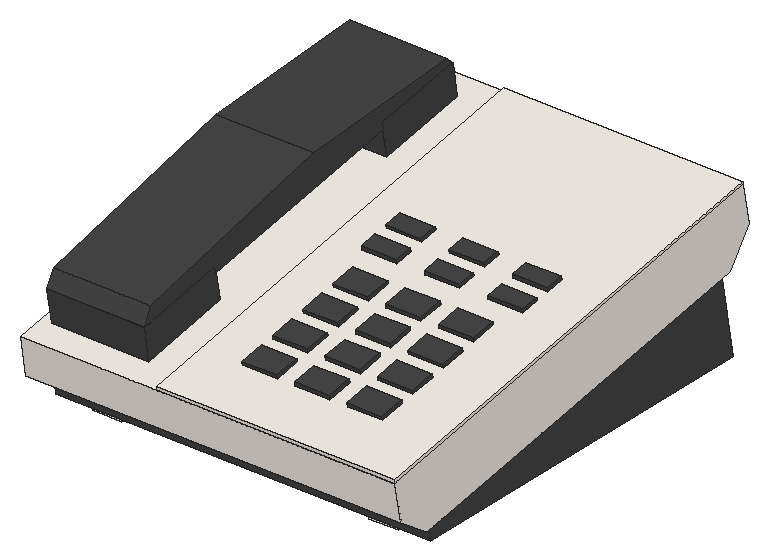
Revit family
Parameters
  Material-1 = Plastic (2)
  Material = Plastic
Reference planes
  plane 1 "Center (Front/Back)": y = 0
  plane 2: z = 0
  plane 3 "Center (Left/Right)": x = 0
Forms (mm)
  Sweep 1, solid, material "Plastic (2)" <- "Material-1"
    path origin (0, 0, 0) x (1, 0, 0) y (0, 1, 0)
      loop
        line (-100.509, 0) -> (100.509, 0)
    profile origin (0, 0, 0) x (0, 1, 0) y (0, 0, 1)
      loop
        line (107.966, 1.582) -> (100.788, 42.289) -> (-95.345, 7.706) -> (-94.366, 2.155) -> (107.966, 1.582)
  Sweep 2, solid, material "Plastic" <- "Material"
    path origin (0, 0, 0) x (1, 0, 0) y (0, 1, 0)
      loop
        line (-100.509, 0) -> (100.509, 0)
    profile origin (0, 0, 0) x (0, 1, 0) y (0, 0, 1)
      loop
        line (106.339, 43.268) -> (118.531, 60.68) -> (114.943, 81.034) -> (-118.197, 39.925) -> (-114.607, 19.571) -> (-97.195, 7.38) -> (106.339, 43.268)
  Sweep 3, solid, material "Plastic (2)" <- "Material-1"
    path origin (0, 0, 0) x (1, 0, 0) y (0, 1, 0)
      loop
        line (-10.325, 20.786) -> (8.436, 20.786)
    profile origin (-0.944, 0, 0) x (0, 1, 0) y (0, 0, 1)
      loop
        line (23.505, 68.709) -> (14.37, 67.112) -> (14.691, 65.278) -> (23.955, 66.898) -> (23.505, 68.709)
  Sweep 4, solid, material "Plastic (2)" <- "Material-1"
    path origin (33.819, 0, 0) x (1, 0, 0) y (0, 1, 0)
      loop
        line (-10.325, 20.786) -> (8.436, 20.786)
    profile origin (32.875, 0, 0) x (0, 1, 0) y (0, 0, 1)
      loop
        line (23.505, 68.709) -> (14.37, 67.112) -> (14.691, 65.278) -> (23.955, 66.898) -> (23.505, 68.709)
  Sweep 5, solid, material "Plastic (2)" <- "Material-1"
    path origin (67.639, 0, 0) x (1, 0, 0) y (0, 1, 0)
      loop
        line (-10.325, 20.786) -> (8.436, 20.786)
    profile origin (66.694, 0, 0) x (0, 1, 0) y (0, 0, 1)
      loop
        line (23.505, 68.709) -> (14.37, 67.112) -> (14.691, 65.278) -> (23.955, 66.898) -> (23.505, 68.709)
  Sweep 6, solid, material "Plastic (2)" <- "Material-1"
    path origin (0, 0, 0) x (1, 0, 0) y (0, 1, 0)
      loop
        line (-4.706, -20.083) -> (14.086, -20.083)
    profile origin (4.69, 0, 0) x (0, 1, 0) y (0, 0, 1)
      loop
        line (-14.906, 60.046) -> (-15.231, 61.892) -> (-28.192, 59.63) -> (-27.867, 57.784) -> (-14.906, 60.046)
  Sweep 7, solid, material "Plastic (2)" <- "Material-1"
    path origin (28.183, 0, 0) x (1, 0, 0) y (0, 1, 0)
      loop
        line (-4.706, -20.083) -> (14.086, -20.083)
    profile origin (32.873, 0, 0) x (0, 1, 0) y (0, 0, 1)
      loop
        line (-14.906, 60.046) -> (-15.231, 61.892) -> (-28.192, 59.63) -> (-27.867, 57.784) -> (-14.906, 60.046)
  Sweep 8, solid, material "Plastic (2)" <- "Material-1"
    path origin (56.366, 0, 0) x (1, 0, 0) y (0, 1, 0)
      loop
        line (-4.706, -20.083) -> (14.086, -20.083)
    profile origin (61.056, 0, 0) x (0, 1, 0) y (0, 0, 1)
      loop
        line (-14.906, 60.046) -> (-15.231, 61.892) -> (-28.192, 59.63) -> (-27.867, 57.784) -> (-14.906, 60.046)
  Sweep 9, solid, material "Plastic (2)" <- "Material-1"
    path origin (0, 0, 0) x (1, 0, 0) y (0, 1, 0)
      loop
        line (-10.325, 4.133) -> (8.436, 4.133)
    profile origin (-0.944, 0, 0) x (0, 1, 0) y (0, 0, 1)
      loop
        line (6.976, 65.808) -> (-2.272, 64.178) -> (-1.946, 62.331) -> (7.302, 63.962) -> (6.976, 65.808)
  Sweep 10, solid, material "Plastic (2)" <- "Material-1"
    path origin (33.819, 0, 0) x (1, 0, 0) y (0, 1, 0)
      loop
        line (-10.325, 4.133) -> (8.436, 4.133)
    profile origin (32.875, 0, 0) x (0, 1, 0) y (0, 0, 1)
      loop
        line (6.976, 65.808) -> (-2.272, 64.178) -> (-1.946, 62.331) -> (7.302, 63.962) -> (6.976, 65.808)
  Sweep 11, solid, material "Plastic (2)" <- "Material-1"
    path origin (67.639, 0, 0) x (1, 0, 0) y (0, 1, 0)
      loop
        line (-10.325, 4.133) -> (8.436, 4.133)
    profile origin (66.694, 0, 0) x (0, 1, 0) y (0, 0, 1)
      loop
        line (6.976, 65.808) -> (-2.272, 64.178) -> (-1.946, 62.331) -> (7.302, 63.962) -> (6.976, 65.808)
  Sweep 12, solid, material "Plastic (2)" <- "Material-1"
    path origin (0, 0, 0) x (1, 0, 0) y (0, 1, 0)
      loop
        line (-4.688, -40.211) -> (14.069, -40.211)
    profile origin (4.69, 0, 0) x (0, 1, 0) y (0, 0, 1)
      loop
        line (-35.259, 56.457) -> (-35.625, 58.296) -> (-48.54, 56.019) -> (-48.212, 54.15) -> (-35.259, 56.457)
  Sweep 13, solid, material "Plastic (2)" <- "Material-1"
    path origin (28.183, 0, 0) x (1, 0, 0) y (0, 1, 0)
      loop
        line (-4.688, -40.211) -> (14.069, -40.211)
    profile origin (32.873, 0, 0) x (0, 1, 0) y (0, 0, 1)
      loop
        line (-35.259, 56.457) -> (-35.625, 58.296) -> (-48.54, 56.019) -> (-48.212, 54.15) -> (-35.259, 56.457)
  Sweep 14, solid, material "Plastic (2)" <- "Material-1"
    path origin (56.366, 0, 0) x (1, 0, 0) y (0, 1, 0)
      loop
        line (-4.688, -40.211) -> (14.069, -40.211)
    profile origin (61.056, 0, 0) x (0, 1, 0) y (0, 0, 1)
      loop
        line (-35.259, 56.457) -> (-35.625, 58.296) -> (-48.54, 56.019) -> (-48.212, 54.15) -> (-35.259, 56.457)
  Sweep 15, solid, material "Plastic (2)" <- "Material-1"
    path origin (0, 0, 0) x (1, 0, 0) y (0, 1, 0)
      loop
        line (-4.688, -60.565) -> (14.069, -60.565)
    profile origin (4.69, 0, 0) x (0, 1, 0) y (0, 0, 1)
      loop
        line (-55.612, 52.868) -> (-55.939, 54.722) -> (-68.892, 52.438) -> (-68.567, 50.584) -> (-55.612, 52.868)
  Sweep 16, solid, material "Plastic (2)" <- "Material-1"
    path origin (28.183, 0, 0) x (1, 0, 0) y (0, 1, 0)
      loop
        line (-4.688, -60.565) -> (14.069, -60.565)
    profile origin (32.873, 0, 0) x (0, 1, 0) y (0, 0, 1)
      loop
        line (-55.612, 52.868) -> (-55.939, 54.722) -> (-68.892, 52.438) -> (-68.567, 50.584) -> (-55.612, 52.868)
  Sweep 17, solid, material "Plastic (2)" <- "Material-1"
    path origin (56.366, 0, 0) x (1, 0, 0) y (0, 1, 0)
      loop
        line (-4.688, -60.565) -> (14.069, -60.565)
    profile origin (61.056, 0, 0) x (0, 1, 0) y (0, 0, 1)
      loop
        line (-55.612, 52.868) -> (-55.939, 54.722) -> (-68.892, 52.438) -> (-68.567, 50.584) -> (-55.612, 52.868)
  Sweep 18, solid, material "Plastic" <- "Material"
    path origin (0, 0, 0) x (1, 0, 0) y (0, 1, 0)
      loop
        line (-27.257, 35.316) -> (100.509, 35.316)
    profile origin (36.626, 0, 0) x (0, 1, 0) y (0, 0, 1)
      loop
        line (114.931, 81.032) -> (114.605, 82.882) -> (-118.51, 41.778) -> (-118.184, 39.927) -> (114.931, 81.032)
  Sweep 19, solid, material "Plastic (2)" <- "Material-1"
    path origin (0, 0, 0) x (1, 0, 0) y (0, 1, 0)
      loop
        line (-4.706, -81.143) -> (14.07, -81.143)
    profile origin (4.682, 0, 0) x (0, 1, 0) y (0, 0, 1)
      loop
        line (-75.962, 49.28) -> (-76.289, 51.135) -> (-89.253, 48.849) -> (-88.926, 46.994) -> (-75.962, 49.28)
  Sweep 20, solid, material "Plastic (2)" <- "Material-1"
    path origin (28.183, 0, 0) x (1, 0, 0) y (0, 1, 0)
      loop
        line (-4.706, -81.143) -> (14.07, -81.143)
    profile origin (32.864, 0, 0) x (0, 1, 0) y (0, 0, 1)
      loop
        line (-75.962, 49.28) -> (-76.289, 51.135) -> (-89.253, 48.849) -> (-88.926, 46.994) -> (-75.962, 49.28)
  Sweep 21, solid, material "Plastic (2)" <- "Material-1"
    path origin (56.366, 0, 0) x (1, 0, 0) y (0, 1, 0)
      loop
        line (-4.706, -81.143) -> (14.07, -81.143)
    profile origin (61.047, 0, 0) x (0, 1, 0) y (0, 0, 1)
      loop
        line (-75.962, 49.28) -> (-76.289, 51.135) -> (-89.253, 48.849) -> (-88.926, 46.994) -> (-75.962, 49.28)
  Sweep 22, solid, material "Plastic" <- "Material"
    path origin (0, 0, 0) x (1, 0, 0) y (0, 1, 0)
      loop
        line (-82.143, 90.127) -> (-66.261, 90.127)
    profile origin (-74.202, 0, 0) x (0, 1, 0) y (0, 0, 1)
      loop
        line (92.872, 1.625) -> (76.977, 1.625) -> (76.977, 0) -> (92.869, 0) -> (92.872, 1.625)
  Sweep 23, solid, material "Plastic" <- "Material"
    path origin (0, 0, 0) x (0, -1, 0) y (1, 0, 0)
      loop
        line (90.127, -82.143) -> (90.127, -66.261)
    profile origin (-74.202, 0, 0) x (0, -1, 0) y (0, 0, 1)
      loop
        line (92.872, 1.625) -> (76.977, 1.625) -> (76.977, 0) -> (92.869, 0) -> (92.872, 1.625)
  Sweep 24, solid, material "Plastic" <- "Material"
    path origin (0, 0, 0) x (0, 1, 0) y (-1, 0, 0)
      loop
        line (-90.127, -82.143) -> (-90.127, -66.261)
    profile origin (74.202, 0, 0) x (0, -1, 0) y (0, 0, -1)
      loop
        line (92.872, -1.625) -> (92.869, 0) -> (76.977, 0) -> (76.977, -1.625) -> (92.872, -1.625)
  Sweep 25, solid, material "Plastic" <- "Material"
    path origin (0, 0, 0) x (0, 1, 0) y (-1, 0, 0)
      loop
        line (90.127, -82.143) -> (90.127, -66.261)
    profile origin (74.202, 0, 0) x (0, 1, 0) y (0, 0, 1)
      loop
        line (92.872, 1.625) -> (76.977, 1.625) -> (76.977, 0) -> (92.869, 0) -> (92.872, 1.625)
  Extrusion 26, solid, material "Plastic (2)" <- "Material-1"
    sketch origin (0, 13.983, -19.893) x (1, 0, 0) y (0, 0.987142, 0.159845)
      loop
        line (-92.939, 100.788) -> (-92.939, 52.71) -> (-40.705, 52.71) -> (-40.705, 100.788) -> (-92.939, 100.788)
    from 85 to 103
  Extrusion 27, solid, material "Plastic (2)" <- "Material-1"
    sketch origin (0, 8.02, -21.433) x (1, 0, 0) y (0, 0.983443, 0.181215)
      loop
        line (-92.963, -100.788) -> (-40.705, -100.788) -> (-40.705, -52.71) -> (-92.963, -52.71) -> (-92.963, -100.788)
    from 85 to 103
  Sweep 28, solid, material "Plastic (2)" <- "Material-1"
    path origin (0, 13.983, -19.893) x (1, 0, 0) y (0, 0.987142, 0.159845)
      loop
        line (-92.939, -14.409) -> (-40.705, -14.409)
    profile origin (-66.822, 0, 0) x (0, 0.987142, 0.159845) y (0, -0.159845, 0.987142)
      loop
        line (111.411, 81.128) -> (108.247, 85.514) -> (18.915, 93.641) -> (-92.941, 86.207) -> (-98.464, 78.411) -> (-58.711, 79.273) -> (-50.401, 79.36) -> (-50.365, 75.901) -> (63.334, 77.383) -> (63.334, 81.128) -> (111.411, 81.128)
Lines and regions (mm)
  symbolic lines
    curve 1: line (-100.509, -118.51, 0) -> (-100.509, 118.531, 0)
    curve 2: line (-100.509, 118.531, 0) -> (100.509, 118.531, 0)
    curve 3: line (100.509, -118.51, 0) -> (100.509, 118.531, 0)
    curve 4: line (100.509, -118.51, 0) -> (-100.509, -118.51, 0)
    curve 5: line (-40.705, -109.732, 0) -> (-40.705, 99.888, 0)
    curve 6: line (-92.939, -109.732, 0) -> (-92.939, 99.888, 0)
    curve 7: line (-92.939, 99.888, 0) -> (-40.705, 99.888, 0)
    curve 8: line (-10.325, 23.955, 0) -> (8.436, 23.955, 0)
    curve 9: line (-10.325, 14.37, 0) -> (-10.325, 23.955, 0)
    curve 10: line (8.436, 14.37, 0) -> (-10.325, 14.37, 0)
    curve 11: line (8.436, 23.955, 0) -> (8.436, 14.37, 0)
    curve 12: line (23.495, 23.955, 0) -> (42.255, 23.955, 0)
    curve 13: line (23.495, 14.691, 0) -> (23.495, 23.955, 0)
    curve 14: line (42.255, 14.691, 0) -> (23.495, 14.691, 0)
    curve 15: line (42.255, 23.955, 0) -> (42.255, 14.691, 0)
    curve 16: line (57.314, 23.955, 0) -> (76.075, 23.955, 0)
    curve 17: line (57.314, 14.37, 0) -> (57.314, 23.955, 0)
    curve 18: line (76.075, 14.37, 0) -> (57.314, 14.37, 0)
    curve 19: line (76.075, 23.955, 0) -> (76.075, 14.37, 0)
    curve 20: line (-10.325, 7.302, 0) -> (8.436, 7.302, 0)
    curve 21: line (-10.325, -2.283, 0) -> (-10.325, 7.302, 0)
    curve 22: line (8.436, -2.283, 0) -> (-10.325, -2.283, 0)
    curve 23: line (8.436, 7.302, 0) -> (8.436, -2.283, 0)
    curve 24: line (23.495, 7.302, 0) -> (42.255, 7.302, 0)
    curve 25: line (23.495, -1.962, 0) -> (23.495, 7.302, 0)
    curve 26: line (42.255, -1.962, 0) -> (23.495, -1.962, 0)
    curve 27: line (42.255, 7.302, 0) -> (42.255, -1.962, 0)
    curve 28: line (57.314, 7.302, 0) -> (76.075, 7.302, 0)
    curve 29: line (57.314, -2.283, 0) -> (57.314, 7.302, 0)
    curve 30: line (76.075, -2.283, 0) -> (57.314, -2.283, 0)
    curve 31: line (76.075, 7.302, 0) -> (76.075, -2.283, 0)
    curve 32: line (-92.939, -109.732, 0) -> (-40.705, -109.732, 0)
    curve 33: line (14.086, -27.867, 0) -> (-4.706, -27.867, 0)
    curve 34: line (14.086, -15.231, 0) -> (14.086, -27.867, 0)
    curve 35: line (-4.706, -15.231, 0) -> (14.086, -15.231, 0)
    curve 36: line (-4.706, -27.867, 0) -> (-4.706, -15.231, 0)
    curve 37: line (14.086, -47.895, 0) -> (-4.706, -47.895, 0)
    curve 38: line (14.086, -35.259, 0) -> (14.086, -47.895, 0)
    curve 39: line (-4.706, -35.259, 0) -> (14.086, -35.259, 0)
    curve 40: line (-4.706, -47.895, 0) -> (-4.706, -35.259, 0)
    curve 41: line (14.086, -67.923, 0) -> (-4.706, -67.923, 0)
    curve 42: line (14.086, -55.287, 0) -> (14.086, -67.923, 0)
    curve 43: line (-4.706, -55.287, 0) -> (14.086, -55.287, 0)
    curve 44: line (-4.706, -67.923, 0) -> (-4.706, -55.287, 0)
    curve 45: line (14.086, -87.95, 0) -> (-4.706, -87.95, 0)
    curve 46: line (14.086, -75.315, 0) -> (14.086, -87.95, 0)
    curve 47: line (-4.706, -75.315, 0) -> (14.086, -75.315, 0)
    curve 48: line (-4.706, -87.95, 0) -> (-4.706, -75.315, 0)
    curve 49: line (42.269, -27.867, 0) -> (23.477, -27.867, 0)
    curve 50: line (42.269, -15.231, 0) -> (42.269, -27.867, 0)
    curve 51: line (23.477, -15.231, 0) -> (42.269, -15.231, 0)
    curve 52: line (23.477, -27.867, 0) -> (23.477, -15.231, 0)
    curve 53: line (42.269, -47.895, 0) -> (23.477, -47.895, 0)
    curve 54: line (42.269, -35.259, 0) -> (42.269, -47.895, 0)
    curve 55: line (23.477, -35.259, 0) -> (42.269, -35.259, 0)
    curve 56: line (23.477, -47.895, 0) -> (23.477, -35.259, 0)
    curve 57: line (42.269, -67.923, 0) -> (23.477, -67.923, 0)
    curve 58: line (42.269, -55.287, 0) -> (42.269, -67.923, 0)
    curve 59: line (23.477, -55.287, 0) -> (42.269, -55.287, 0)
    curve 60: line (23.477, -67.923, 0) -> (23.477, -55.287, 0)
    curve 61: line (42.269, -87.95, 0) -> (23.477, -87.95, 0)
    curve 62: line (42.269, -75.315, 0) -> (42.269, -87.95, 0)
    curve 63: line (23.477, -75.315, 0) -> (42.269, -75.315, 0)
    curve 64: line (23.477, -87.95, 0) -> (23.477, -75.315, 0)
    curve 65: line (70.451, -27.867, 0) -> (51.66, -27.867, 0)
    curve 66: line (70.451, -15.231, 0) -> (70.451, -27.867, 0)
    curve 67: line (51.66, -15.231, 0) -> (70.451, -15.231, 0)
    curve 68: line (51.66, -27.867, 0) -> (51.66, -15.231, 0)
    curve 69: line (70.451, -47.895, 0) -> (51.66, -47.895, 0)
    curve 70: line (70.451, -35.259, 0) -> (70.451, -47.895, 0)
    curve 71: line (51.66, -35.259, 0) -> (70.451, -35.259, 0)
    curve 72: line (51.66, -47.895, 0) -> (51.66, -35.259, 0)
    curve 73: line (70.451, -67.923, 0) -> (51.66, -67.923, 0)
    curve 74: line (70.451, -55.287, 0) -> (70.451, -67.923, 0)
    curve 75: line (51.66, -55.287, 0) -> (70.451, -55.287, 0)
    curve 76: line (51.66, -67.923, 0) -> (51.66, -55.287, 0)
    curve 77: line (70.451, -87.95, 0) -> (51.66, -87.95, 0)
    curve 78: line (70.451, -75.315, 0) -> (70.451, -87.95, 0)
    curve 79: line (51.66, -75.315, 0) -> (70.451, -75.315, 0)
    curve 80: line (51.66, -87.95, 0) -> (51.66, -75.315, 0)
Dimensions and locks
  aligned and locked: plane 1 "Center (Front/Back)" to Sweep 1 sketch curve
  aligned and locked: Sweep 1 to Sweep 2 sketch curve
  aligned and locked: Sweep 2 sketch curve to Sweep 1
  aligned and locked: plane 1 "Center (Front/Back)" to Sweep 2 sketch curve
  aligned and locked: Sweep 2 to Sweep 18 sketch curve  (x2)
  aligned and locked: level to Sweep 22 sketch curve
  aligned and locked: level to Sweep 23 sketch curve
  aligned and locked: Sweep 24 sketch curve to level
  aligned and locked: level to Sweep 25 sketch curve
  aligned and locked: Sweep 28 sketch curve to Extrusion 26  (x2)
  aligned and locked: Extrusion 26 to Sweep 28 sketch curve
  aligned and locked: curve 1 to Sweep 2
  aligned and locked: curve 2 to Sweep 2
  aligned and locked: curve 3 to Sweep 18
  aligned and locked: curve 4 to Sweep 18
  aligned and locked: curve 5 to Sweep 28
  aligned and locked: curve 6 to Sweep 28
  aligned and locked: curve 7 to Extrusion 26
  aligned and locked: Sweep 3 to curve 8
  aligned and locked: curve 11 to Sweep 3  (x2)
  aligned and locked: Sweep 4 to curve 12
  aligned and locked: curve 15 to Sweep 4  (x2)
  aligned and locked: Sweep 5 to curve 16
  aligned and locked: curve 19 to Sweep 5  (x2)
  aligned and locked: curve 33 to Sweep 6  (x2)
  aligned and locked: Sweep 6 to curve 36  (x2)
